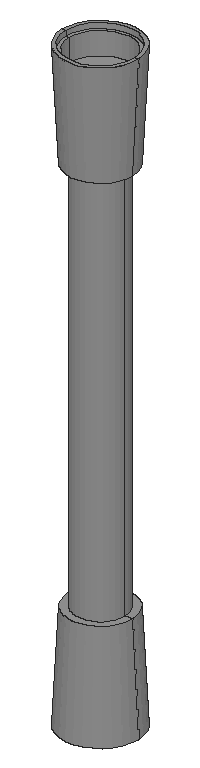
Revit family "Sanitary-Showers_DURAVIT-AG_Showers-Accessoires-Shower-hose-Bronze-Brushed-UV0610007_NEW", category Plumbing Fixtures, host Face, Revit 2021
Family settings
  Host = Face
  Round Connector Dimension = Use Diameter
  Part Type = Normal
  OmniClass Number = 23.31.17.00
  OmniClass Title = Showers
  Cut with Voids When Loaded = No
  Shared = No
  Room Calculation Point = No
Parameters (values of type "10 - Chrome")
  Width = 23 mm  # constant formula
  Weight = 0.345 kg  # constant formula
  Version = 2  # constant formula
  URL = "https://www.duravit.com/"
  Product data url = "https://bimobject.com/duravit/product/shower-hose-uv0610007"
  Product certification = ""
  Product Page URL = "https://pro.duravit.com/p/UV0610007"
  Product Documentation Link = "https://pro.duravit.com/p/UV0610007"
  Model = "Shower hose - UV0610007"  # constant formula
  Material 1 = Duravit - Metal - 10 - Chrome
  Manufacturer = "Duravit"  # constant formula
  Installation instructions = "https://duravit-public-assets.s3.eu-central-1.amazonaws.com/3/0/Duravit_MI_2324889.pdf"
  Height = 1600 mm  # constant formula
  Description = "Duravit Showers & Accessories Shower hose Bronze Brushed Rotation lock: Yes Nut shape: Conical 1600 mm - UV0610007004"  # constant formula
  Depth = 23 mm  # constant formula
  Default Elevation = 1219.2 mm
  Date Updated = "2025/07/23"  # constant formula
  Date Created = "2025/04/01"  # constant formula
  Article Number = "UV0610007010"
Types (6, lengths in mm): name | Material 1 | Article Number
  (no name) | Duravit - Metal - 10 - Chrome | "UV0610007010"
  10 - Chrome | Duravit - Metal - 10 - Chrome | "UV0610007010"
  46 - Black Matt | Duravit - Metal - 46 - Black Matt | "UV0610007046"
  04 - Brushed Bronze | Duravit - Metal - 04 - Brushed Bronze | "UV0610007004"
  34 - Polished Gold | Duravit - Metal - 34 - Polished Gold | "UV0610007034"
  70 - Brushed Stainless Steel | Duravit - Metal - 70 - Brushed Stainless Steel | "UV0610007070"
Reference planes
  plane 1 "Center (Front/Back)": y = 0
  plane 2: z = 0
  plane 3 "Center (Left/Right)": x = 0
  plane 4: x = -11.503
  plane 5: x = 11.503
Forms (mm)
  Revolve 1, solid, material "Duravit - Metal - 10 - Chrome" <- "Material 1"
    sketch origin (0, 0, 0) x (1, 0, 0) y (0, 0, 1)
      loop
        line (-10.441, 183.621) -> (-11.503, 183.621) -> (-9.825, 151.6) -> (-7.452, 151.6) -> (-7.452, 31.987) -> (-9.781, 31.987) -> (-11.457, 0) -> (-10.441, 0) -> (-10.441, 1.524) -> (-9.39, 1.524) -> (-9.39, 8.321) -> (0, 8.321) -> (0, 175.3) -> (-9.39, 175.3) -> (-9.39, 182.097) -> (-10.441, 182.097) -> (-10.441, 183.621)
      axis (0, 183.621) -> (0, 0)
    angle from 0 to 360
Lines and regions (mm)
  symbolic lines, detail levels fine
    curve 1: circle (0, 0, 0) r 9.39 normal (0, 0, 1)
    curve 2: circle (0, 0, 0) r 10.441 normal (0, 0, 1)
    curve 15: line (0, 7.452, 151.6) -> (0, -7.452, 151.6)
    curve 16: line (0, -7.452, 31.987) -> (0, 7.452, 31.987)
    curve 29: line (-7.452, 0, 151.6) -> (7.452, 0, 151.6)
    curve 30: line (-7.452, 0, 31.987) -> (7.452, 0, 31.987)
  symbolic lines
    curve 3: circle (0, 0, 0) r 11.503 normal (0, 0, 1)
    curve 4: line (0, -9.825, 151.6) -> (0, -11.504, 183.645)
    curve 5: line (0, -9.825, 151.6) -> (0, -7.452, 151.6)
    curve 6: line (0, -7.452, 151.6) -> (0, -7.452, 31.987)
    curve 7: line (0, -7.452, 31.987) -> (0, -9.781, 31.987)
    curve 8: line (0, -9.781, 31.987) -> (0, -11.457, 0)
    curve 9: line (0, 9.825, 151.6) -> (0, 11.504, 183.645)
    curve 10: line (0, 9.825, 151.6) -> (0, 7.452, 151.6)
    curve 11: line (0, 7.452, 151.6) -> (0, 7.452, 31.987)
    curve 12: line (0, 7.452, 31.987) -> (0, 9.781, 31.987)
    curve 13: line (0, 9.781, 31.987) -> (0, 11.457, 0)
    curve 14: line (0, -11.504, 183.645) -> (0, 11.504, 183.645)
    curve 17: line (0, -11.457, 0) -> (0, 11.457, 0)
    curve 18: line (-7.452, 0, 151.6) -> (-9.825, 0, 151.6)
    curve 19: line (-9.825, 0, 151.6) -> (-11.503, 0, 183.621)
    curve 20: line (-7.452, 0, 151.6) -> (-7.452, 0, 31.987)
    curve 21: line (-7.452, 0, 31.987) -> (-9.781, 0, 31.987)
    curve 22: line (-9.781, 0, 31.987) -> (-11.457, 0, 0)
    curve 23: line (7.452, 0, 151.6) -> (9.825, 0, 151.6)
    curve 24: line (9.825, 0, 151.6) -> (11.503, 0, 183.621)
    curve 25: line (7.452, 0, 151.6) -> (7.452, 0, 31.987)
    curve 26: line (7.452, 0, 31.987) -> (9.781, 0, 31.987)
    curve 27: line (9.781, 0, 31.987) -> (11.457, 0, 0)
    curve 28: line (-11.503, 0, 183.621) -> (11.503, 0, 183.621)
    curve 31: line (-11.457, 0, 0) -> (11.457, 0, 0)
Dimensions and locks
  plane 4 to plane 5 = 23.006 mm
  aligned and locked: plane 2 to host face
  aligned and locked: level to host face
